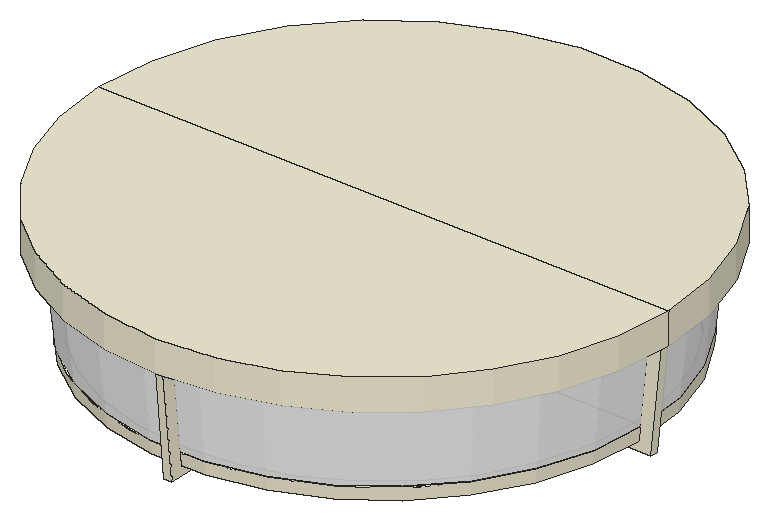
Revit family "3-689-xx - IO Ceiling Mount", category Luminarias, Revit 2021
Family settings
  Anfitrión = Techo
  Cota de conector redondo = Diámetro de uso
  Tipo de pieza = Normal
  Número OmniClass = 23.80.70.11
  Título OmniClass = Luminaries for Internal Lighting
  Siempre vertical = Sí
  Corte con vacíos al cargar = No
  Origen de luz = Sí
  Compartido = No
  Punto de cálculo de habitación = No
Parameters (values of type "3-689-24 / Satin Nickel - Matte White Acrylic")
  Ángulo de inclinación = 90.00°  # constant formula
  Elevación por defecto = 0 mm
  Comentarios de vataje = "2 x 10.1 W at 120 V"  # constant formula
  Wattage = 25.6 W
  built-in parameter 1150110 = 1 (stored number, unit not read)
  Voltage Input = "120 V or 277 V - 50/60 Hz"  # constant formula
  Voltage = 120 V
  URL = "www.oxygenlighting.com"
  built-in parameter 1114217 = 1 (stored number, unit not read)
  built-in parameter 1150109 = 1 (stored number, unit not read)
  built-in parameter 1150134 = (empty or 0)
  built-in parameter 1150113 = 1 (stored number, unit not read)
  References = "Ref. 3 = 120 V / Ref. 37 = 277 V"  # constant formula
  Modelo = "3-689-xx / IO Ceiling Mount"  # constant formula
  Metal Finish = 24 - Satin Nickel
  Fabricante = "Oxygen Lighting and Fans"  # constant formula
  Main Diffuser = Matte White Acrylic
  Lumens = 1292.8 lm
  built-in parameter 1150115 = 1 (stored number, unit not read)
  built-in parameter 1150105 = 102.88 (stored number, unit not read)
  built-in parameter 1150137 = (empty or 0)
  built-in parameter 1150139 = (empty or 0)
  built-in parameter 1150112 = 1 (stored number, unit not read)
  built-in parameter 1150114 = 1 (stored number, unit not read)
  Lámpara = "LED Array"  # constant formula
  built-in parameter 1150132 = (empty or 0)
  built-in parameter 1150102 = (empty or 0)
  built-in parameter 1150138 = (empty or 0)
  built-in parameter 1150107 = 3000 (stored number, unit not read)
  built-in parameter 1150106 = 1.0288 (stored number, unit not read)
  built-in parameter 1150104 = 4.6916 (stored number, unit not read)
  Dimming Lamp Color Temperature Shift = (empty or 0)
  Color Filter = 16777215
  built-in parameter 1114218 = 1 (stored number, unit not read)
  Archivo de red fotométrica = "3-689 iO Ceiling Mount.ies"
  built-in parameter 1150133 = 10 (stored number, unit not read)
Types (2): name
  3-689-24 / Satin Nickel - Matte White Acrylic
  3-689-40 / Aged Brass - Matte White Acrylic
Reference planes
  plane 1 "Light Source Axis (F/B)": y = 0
  plane 2: z = 0
  plane 3 "Light Source Axis (L/R)": x = 0
  plane 4 "Ceiling": z = 4000
  plane 5 "Light Source Elevation": z = 3906.272
Dimensions and locks
  equal spacing: host sketch curve, plane 3 "Light Source Axis (L/R)", host sketch curve
  equal spacing: host sketch curve, plane 1 "Light Source Axis (F/B)", host sketch curve
  host sketch curve to host sketch curve = 4000 mm  (x2)
  plane 4 "Ceiling" to host ceiling = 0 mm
  aligned and locked: plane 3 "Light Source Axis (L/R)" to imposter light
  aligned and locked: plane 1 "Light Source Axis (F/B)" to imposter light
  aligned and locked: plane 5 "Light Source Elevation" to imposter light
  aligned and locked: plane 3 "Light Source Axis (L/R)" to nested 1
  aligned and locked: plane 1 "Light Source Axis (F/B)" to nested 1
  aligned and locked: plane 4 "Ceiling" to nested 1
  aligned and locked: plane 5 "Light Source Elevation" to nested 1
Nested families
  nested 1: "Base" at (0, 0, 4000), type "Base"
Connectors
  electrical at (0, 0, 4000), driven by "Voltage"
    settings: on nested 1, index 1, voltage 120 V, apparent load 0 VA, apparent load phase1 0 VA, apparent load phase2 0 VA, apparent load phase3 0 VA, power factor 1, load classification "Other", number of poles 1, system type 31, power factor state 1, is connector primary yes, connector utility no, sub classification motor no, connector description ""
Definition of nested family "Base"
  Parameters (values of type "Family4")
    Metal Finish = none
    Main Diffuser = none
    Default Elevation = 0 mm
  Reference planes
    plane 1 "Center (Front/Back)": y = 0
    plane 2: z = 0
    plane 3 "Center (Left/Right)": x = 0
  Forms (mm)
    Revolve 1, solid, material <- "Metal Finish"
      sketch origin (0, 0, 0) x (1, 0, 0) y (0, 0, 1)
        loop
          line (0, 0) -> (-212.884, 0) -> (-212.884, -23.873) -> (0, -23.873) -> (0, 0)
        loop
          line (-187.124, -84.229) -> (-193.799, -84.229) -> (-192.793, -93.728) -> (-187.124, -93.728) -> (-187.124, -84.229)
        axis (0, 0) -> (0, -93.728)
      angle from 0 to 360
    Extrusion 2, solid, material <- "Metal Finish"
      sketch origin (0, 0, 0) x (1, 0, 0) y (0, 0, 1)
        loop
          line (-209.774, -23.873) -> (-201.704, -100.116) -> (-184.303, -100.116) -> (-184.303, -93.728) -> (-192.793, -93.728) -> (-200.187, -23.873) -> (-209.774, -23.873)
      from -2.7 to 2.7
    Extrusion 3, solid, material <- "Metal Finish"
      sketch origin (0, 0, 0) x (0, -1, 0) y (0, 0, 1)
        loop
          line (-209.774, -23.873) -> (-201.704, -100.116) -> (-184.303, -100.116) -> (-184.303, -93.728) -> (-192.793, -93.728) -> (-200.187, -23.873) -> (-209.774, -23.873)
      from -2.7 to 2.7
    Extrusion 4, solid, material <- "Metal Finish"
      sketch origin (0, 0, 0) x (-1, 0, 0) y (0, 0, 1)
        loop
          line (-209.774, -23.873) -> (-201.704, -100.116) -> (-184.303, -100.116) -> (-184.303, -93.728) -> (-192.793, -93.728) -> (-200.187, -23.873) -> (-209.774, -23.873)
      from -2.7 to 2.7
    Extrusion 5, solid, material <- "Metal Finish"
      sketch origin (0, 0, 0) x (0, 1, 0) y (0, 0, 1)
        loop
          line (-209.774, -23.873) -> (-201.704, -100.116) -> (-184.303, -100.116) -> (-184.303, -93.728) -> (-192.793, -93.728) -> (-200.187, -23.873) -> (-209.774, -23.873)
      from -2.7 to 2.7
    Revolve 6, solid, material <- "Main Diffuser"
      sketch origin (0, 0, 0) x (1, 0, 0) y (0, 0, 1)
        loop
          line (0, -23.873) -> (-200.187, -23.873) -> (-193.799, -84.229) -> (0, -84.229) -> (0, -23.873)
        axis (0, -23.873) -> (0, -84.229)
      angle from 0 to 360
  Dimensions and locks
    aligned and locked: level to plane 2
